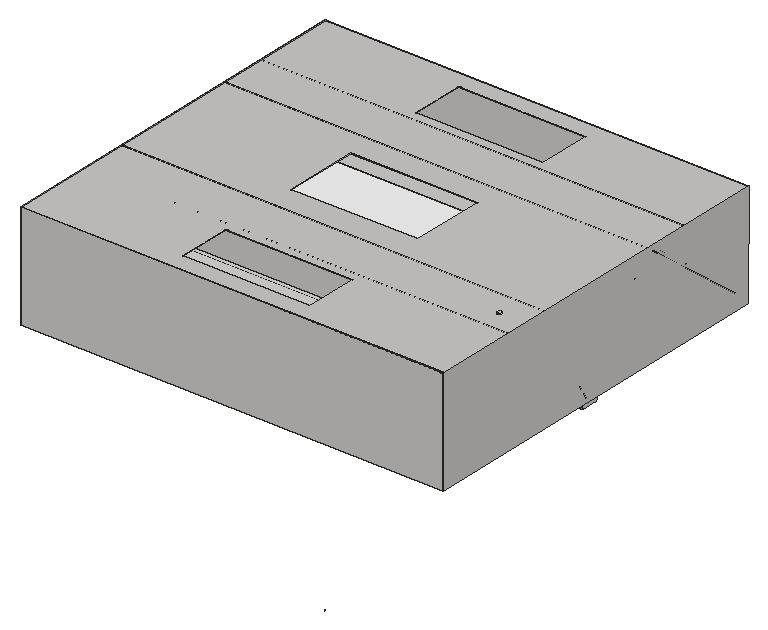
Revit family "QF_ELECTROLUXPROFESSIONAL_640234_STCF1820", category Specialty Equipment, Revit 2014
Reference planes
  plane 1: z = 0
  plane 2 "Center (Left/Right)": x = 150
  plane 3 "LEFT": x = -850
  plane 4 "RIGHT": x = 1150
  plane 5 "BACK": y = 550
  plane 6 "TOP": z = 2500
  plane 7 "Base": z = 2000
  plane 8: z = 1955
  plane 9: x = -847
  plane 10 "DrainX": x = 1030
  plane 11 "AOLeft2": x = 450
  plane 12: x = 1147
  plane 13: x = -650
  plane 14: x = 950
  plane 15 "Center (Front/Back)": y = -350
  plane 16 "Front": y = -1250
  plane 17 "AOLeft1": x = -150
  plane 18 "EI_y": y = -770
  plane 19 "EIx": x = 1030
  plane 20: y = 464
  plane 21: y = 214
  plane 22: y = -1164
  plane 23: y = -914
  plane 24: y = -175
  plane 25: y = -525
Forms (mm)
  Extrusion 1, solid, material "QF_Finishes_Stainless Steel"
    sketch origin (-850, 0, 360) x (0, 1, 0) y (0, 0, 1)
      loop
        line (550, 1640) -> (550, 2140) -> (-1250, 2140) -> (-1250, 1640) -> (550, 1640)
    from 0 to 3
  Extrusion 2, solid, material "QF_Finishes_Stainless Steel"
    sketch origin (1150, 0, 360) x (0, 1, 0) y (0, 0, 1)
      loop
        line (550, 1640) -> (550, 2140) -> (-1250, 2140) -> (-1250, 1640) -> (550, 1640)
    from 0 to -3
  Extrusion 3, solid, material "QF_Finishes_Stainless Steel"
    sketch origin (150, 0, 360) x (0, 1, 0) y (0, 0, 1)
      loop
        line (-1250, 2140) -> (-1250, 1640) -> (-1240, 1640) -> (-1240, 1640.8) -> (-1249.2, 1640.8) -> (-1249.2, 2139.19) -> (549.2, 2139.19) -> (549.2, 1640.8) -> (540, 1640.8) -> (540, 1640) -> (550, 1640) -> (550, 2140) -> (-1250, 2140)
    from -1000 to 1000
  Extrusion 4, solid, material "QF_Finishes_Stainless Steel"
    sketch origin (0, -840, 2000) x (0, 1, 0) y (-1, 0, 0)
      loop
        circle (490, -1030) r 4.763
    from -30 to 0
  Extrusion 5, void
    sketch origin (0, 0, 2500) x (0, 1, 0) y (-1, 0, 0)
      loop
        line (-1164, -450) -> (-914, -450) -> (-914, 150) -> (-1164, 150) -> (-1164, -450)
    from 0 to -10
  Extrusion 6, solid, material "QF_Finishes_Stainless Steel"
    sketch origin (0, 0, 0) x (1, 0, 0) y (0, 1, 0)
      loop
        line (-850, 550) -> (-850, 549) -> (-849, 549) -> (-849, 550) -> (-850, 550)
    from 0 to 1
  Sweep 7, solid, material "QF_Finishes_Stainless Steel"
    path origin (0, 0, 0) x (1, 0, 0) y (0, 1, 0)
      loop
        line (1150, 550) -> (-850, 550) -> (-850, -1250) -> (1150, -1250) -> (1150, 550)
    profile origin (1150, -350, 0) x (1, 0, 0) y (0, 0, 1)
      loop
        line (-3, 2000) -> (-3, 2000.8) -> (-19, 2000.8) -> (-19, 2010) -> (-20, 2010) -> (-20, 2000) -> (-3, 2000)
  Extrusion 8, solid, material "QF_Finishes_Stainless Steel"
    sketch origin (150, -826.94, 0) x (0, 1, 0) y (0, 0, 1)
      loop
        line (414.66, 2095.469) -> (440.643, 2110.471) -> (261.744, 2411.771) -> (235.948, 2396.455) -> (414.66, 2095.469)
    from -997 to -800
  Extrusion 9, solid, material "QF_Finishes_Stainless Steel"
    sketch origin (1030, -840, 0) x (0, 1, 0) y (0, 0, 1)
      loop
        line (539, 2000) -> (441, 2000) -> (441, 1989) -> (448.5, 1989) -> (448.5, 1965)
        arc (448.5, 1965) -> (451.429, 1957.929) -> (458.5, 1955) r 10
        line (458.5, 1955) -> (521.5, 1955)
        arc (521.5, 1955) -> (528.571, 1957.929) -> (531.5, 1965) r 10
        line (531.5, 1965) -> (531.5, 1989) -> (539, 1989) -> (539, 2000)
    from 90 to -90
  Extrusion 10, solid, material "QF_Finishes_Stainless Steel"
    sketch origin (150, -826.94, 0) x (0, 1, 0) y (0, 0, 1)
      loop
        line (414.66, 2095.469) -> (440.643, 2110.471) -> (261.744, 2411.771) -> (235.948, 2396.455) -> (414.66, 2095.469)
    from 800 to 997
  Extrusion 11, solid, material "QF_Finished_Chrome"
    sketch origin (150, -826.94, 0) x (0, 1, 0) y (0, 0, 1)
      loop
        line (414.66, 2095.469) -> (440.643, 2110.471) -> (261.744, 2411.771) -> (235.948, 2396.455) -> (414.66, 2095.469)
    from -800 to 800
  Extrusion 12, void
    sketch origin (0, 1180, 2500) x (0, 1, 0) y (-1, 0, 0)
      loop
        line (-1355, -450) -> (-1355, 150) -> (-1705, 150) -> (-1705, -450) -> (-1355, -450)
    from 0 to -10
  Extrusion 13, solid, material "QF_Finishes_Stainless Steel"
    sketch origin (0, 0, 2500) x (0, 1, 0) y (-1, 0, 0)
      loop
        circle (-770, -1030) r 10
    from 0 to 1.6
  Extrusion 14, solid, material "QF_Finishes_Stainless Steel"
    sketch origin (150, -826.94, 360) x (0, 1, 0) y (0, 0, 1)
      loop
        line (430.005, 1640) -> (476.94, 1640) -> (476.94, 1640.8) -> (430.467, 1640.8) -> (371.906, 1742.23) -> (414.858, 1734.657) -> (442.266, 1750.481) -> (442.266, 1765.943) -> (441.466, 1765.943) -> (441.466, 1750.943) -> (414.709, 1735.495) -> (321.153, 1751.991) -> (320.875, 1750.416) -> (371.4, 1741.507) -> (430.005, 1640)
      loop
        line (172.529, 2139.19) -> (242.893, 2017.316) -> (245.133, 2018.715) -> (240.13, 2027.381) -> (238.569, 2026.405) -> (173.453, 2139.19) -> (172.529, 2139.19)
    from -997 to 997
  Extrusion 15, solid, material "QF_LAMPS"
    sketch origin (150, 0, 360) x (0, 1, 0) y (0, 0, 1)
      loop
        line (-872.823, 1962.324) -> (-718.948, 2086.929) -> (-727.129, 2097.032) -> (-881.003, 1972.426) -> (-872.823, 1962.324)
    from 997 to -997
  Extrusion 16, solid, material "QF_Finishes_Stainless Steel"
    sketch origin (150, 0, 360) x (0, 1, 0) y (0, 0, 1)
      loop
        line (-1250, 2139.19) -> (-1250, 1640) -> (-1186.602, 1640) -> (-1099.146, 1690.493) -> (-1110.058, 1709.394) -> (-1166.564, 1676.77) -> (-1214.704, 1680.982) -> (-1249.2, 1730.248) -> (-1249.2, 2139.19) -> (-1250, 2139.19)
      loop
        line (-873.6, 1961.694) -> (-881.937, 1971.99) -> (-869.095, 1982.182) -> (-869.095, 2139.19) -> (-869.895, 2139.19) -> (-869.895, 1982.569) -> (-1182.298, 1734.63) -> (-1171.091, 1720.79) -> (-873.6, 1961.694)
      loop
        line (-727.61, 2099.216) -> (-718.171, 2087.559) -> (-654.411, 2139.19) -> (-655.682, 2139.19) -> (-718.052, 2088.684) -> (-726.989, 2099.719) -> (-727.61, 2099.216)
    from -997 to 997
  Extrusion 17, solid, material "QF_Finishes_Stainless Steel"
    sketch origin (150, 126.94, 360) x (0, -1, 0) y (0, 0, -1)
      loop
        line (430.005, -1640) -> (371.4, -1741.507) -> (320.875, -1750.416) -> (321.153, -1751.991) -> (414.709, -1735.495) -> (441.466, -1750.943) -> (441.466, -1765.943) -> (442.266, -1765.943) -> (442.266, -1750.481) -> (414.858, -1734.657) -> (371.906, -1742.23) -> (430.467, -1640.8) -> (476.94, -1640.8) -> (476.94, -1640) -> (430.005, -1640)
      loop
        line (172.529, -2139.19) -> (173.453, -2139.19) -> (238.569, -2026.405) -> (240.13, -2027.381) -> (245.133, -2018.715) -> (242.893, -2017.316) -> (172.529, -2139.19)
    from -997 to 997
  Extrusion 18, solid, material "QF_LAMPS"
    sketch origin (150, -700, 360) x (0, -1, 0) y (0, 0, -1)
      loop
        line (-872.823, -1962.324) -> (-881.003, -1972.426) -> (-727.129, -2097.032) -> (-718.948, -2086.929) -> (-872.823, -1962.324)
    from 997 to -997
  Extrusion 19, solid, material "QF_Finishes_Stainless Steel"
    sketch origin (150, -700, 360) x (0, -1, 0) y (0, 0, -1)
      loop
        line (-1250, -2139.19) -> (-1249.2, -2139.19) -> (-1249.2, -1730.248) -> (-1214.704, -1680.982) -> (-1166.564, -1676.77) -> (-1110.058, -1709.394) -> (-1099.146, -1690.493) -> (-1186.602, -1640) -> (-1250, -1640) -> (-1250, -2139.19)
      loop
        line (-873.6, -1961.694) -> (-1171.091, -1720.79) -> (-1182.298, -1734.63) -> (-869.895, -1982.569) -> (-869.895, -2139.19) -> (-869.095, -2139.19) -> (-869.095, -1982.182) -> (-881.937, -1971.99) -> (-873.6, -1961.694)
      loop
        line (-727.61, -2099.216) -> (-726.989, -2099.719) -> (-718.052, -2088.684) -> (-655.682, -2139.19) -> (-654.411, -2139.19) -> (-718.171, -2087.559) -> (-727.61, -2099.216)
    from -997 to 997
  Extrusion 20, solid, material "QF_Finishes_Stainless Steel"
    sketch origin (150, 126.94, 0) x (0, -1, 0) y (0, 0, -1)
      loop
        line (414.66, -2095.469) -> (235.948, -2396.455) -> (261.744, -2411.771) -> (440.643, -2110.471) -> (414.66, -2095.469)
    from -997 to -800
  Extrusion 21, solid, material "QF_Finishes_Stainless Steel"
    sketch origin (150, 126.94, 0) x (0, -1, 0) y (0, 0, -1)
      loop
        line (414.66, -2095.469) -> (235.948, -2396.455) -> (261.744, -2411.771) -> (440.643, -2110.471) -> (414.66, -2095.469)
    from 800 to 997
  Extrusion 22, solid, material "QF_Finished_Chrome"
    sketch origin (150, 126.94, 0) x (0, -1, 0) y (0, 0, -1)
      loop
        line (414.66, -2095.469) -> (235.948, -2396.455) -> (261.744, -2411.771) -> (440.643, -2110.471) -> (414.66, -2095.469)
    from -800 to 800
  Extrusion 23, void
    sketch origin (0, 814, 2500) x (0, 1, 0) y (-1, 0, 0)
      loop
        line (-600, -450) -> (-350, -450) -> (-350, 150) -> (-600, 150) -> (-600, -450)
    from 0 to -10
Cuts and joins
  Extrusion 5, Extrusion 12, Extrusion 23 cuts Extrusion 3
  joined: Extrusion 2, Extrusion 3, Sweep 7
Lines and regions (mm)
  symbolic lines, style "SpecialityEquipment", detail levels coarse
    curve 1: line (1150, 550, 2500) -> (-850, 550, 2500)
    curve 2: line (-850, 550, 2500) -> (-850, -1250, 2500)
    curve 3: line (1150, -1250, 2500) -> (1150, 550, 2500)
    curve 4: line (-850, 550, 0) -> (1150, -1250, 0)
    curve 5: line (1150, 550, 0) -> (-850, -1250, 0)
    curve 6: line (-850, -1250, 0) -> (1150, -1250, 0)
  symbolic lines, detail levels coarse
    curve 7: line (-150, 464, 2500) -> (450, 464, 2500)
    curve 8: line (-150, 214, 2500) -> (-150, 464, 2500)
    curve 9: line (450, 214, 2500) -> (-150, 214, 2500)
    curve 10: line (450, 464, 2500) -> (450, 214, 2500)
    curve 11: line (-150, -175, 2500) -> (450, -175, 2500)
    curve 12: line (-150, -525, 2500) -> (-150, -175, 2500)
    curve 13: line (450, -525, 2500) -> (-150, -525, 2500)
    curve 14: line (450, -175, 2500) -> (450, -525, 2500)
    curve 15: line (-150, -914, 2500) -> (450, -914, 2500)
    curve 16: line (-150, -1164, 2500) -> (-150, -914, 2500)
    curve 17: line (450, -1164, 2500) -> (-150, -1164, 2500)
    curve 18: line (450, -914, 2500) -> (450, -1164, 2500)
Dimensions and locks
  plane 3 "LEFT" to plane 4 "RIGHT" = 2000 mm
  equal spacing: plane 3 "LEFT", plane 2 "Center (Left/Right)", plane 4 "RIGHT"
  plane 7 "Base" to plane 8 = 45 mm
  plane 3 "LEFT" to plane 9 = 3 mm
  plane 10 "DrainX" to plane 4 "RIGHT" = 120 mm
  plane 12 to plane 4 "RIGHT" = 3 mm
  plane 3 "LEFT" to plane 13 = 200 mm
  plane 14 to plane 4 "RIGHT" = 200 mm
  locked: plane 7 "Base" to level at 2000
  locked: plane 6 "TOP" to plane 7 "Base" at 500
  equal spacing: plane 5 "BACK", plane 15 "Center (Front/Back)", plane 16 "Front"
  locked: plane 18 "EI_y" to plane 16 "Front" at 480
  locked: plane 19 "EIx" to plane 4 "RIGHT" at 120
  locked: plane 5 "BACK" to plane 20 at 86
  plane 20 to plane 21 = 250 mm
  locked: plane 22 to plane 16 "Front" at 86
  locked: plane 22 to plane 23 at 250
  plane 24 to plane 15 "Center (Front/Back)" = 175 mm
  plane 15 "Center (Front/Back)" to plane 25 = 175 mm
  locked: plane 5 "BACK" to plane 16 "Front" at 1800
  plane 5 "BACK" to plane 16 "Front" = 1800 mm
  plane 24 to plane 25 = 350 mm
  equal spacing: plane 17 "AOLeft1", plane 2 "Center (Left/Right)", plane 11 "AOLeft2"
  locked: plane 17 "AOLeft1" to plane 11 "AOLeft2" at 600
  aligned and locked: level to plane 1
  aligned and locked: plane 4 "RIGHT" to Extrusion 3
  aligned and locked: Extrusion 3 to plane 3 "LEFT"
  aligned and locked: Extrusion 2 to plane 12
  aligned and locked: Extrusion 8 to plane 9
  aligned and locked: plane 17 "AOLeft1" to Extrusion 5
  aligned and locked: Extrusion 5 to plane 11 "AOLeft2"
  aligned and locked: Extrusion 8 to plane 13
  aligned and locked: plane 14 to Extrusion 10
  aligned and locked: plane 12 to Extrusion 10
  aligned and locked: plane 13 to Extrusion 11
  aligned and locked: Extrusion 11 to plane 14
  aligned and locked: Extrusion 12 to plane 17 "AOLeft1"
  aligned and locked: Extrusion 12 to plane 11 "AOLeft2"
  aligned and locked: Extrusion 14 to plane 9
  aligned and locked: plane 12 to Extrusion 14
  aligned and locked: Extrusion 22 to plane 13
  aligned and locked: Extrusion 22 to plane 14
  aligned and locked: plane 22 to Extrusion 5
  aligned and locked: Extrusion 5 to plane 23
  aligned and locked: Extrusion 23 to plane 17 "AOLeft1"
  aligned and locked: Extrusion 23 to plane 11 "AOLeft2"
  aligned and locked: plane 24 to Extrusion 12
  aligned and locked: Extrusion 12 to plane 25
  aligned and locked: plane 20 to Extrusion 23
  aligned and locked: Extrusion 23 to plane 21
  aligned and locked: Extrusion 19 to plane 9
  aligned and locked: Extrusion 18 to plane 9
  aligned and locked: Extrusion 17 to plane 9
  aligned and locked: plane 9 to Extrusion 20
  aligned and locked: Extrusion 16 to plane 9
  aligned and locked: Extrusion 15 to plane 9
  aligned and locked: plane 12 to Extrusion 19
  aligned and locked: plane 12 to Extrusion 18
  aligned and locked: plane 12 to Extrusion 17
  aligned and locked: Extrusion 21 to plane 12
  aligned and locked: plane 12 to Extrusion 15
  aligned and locked: Extrusion 16 to plane 12
  aligned and locked: Extrusion 20 to plane 13
  aligned and locked: plane 14 to Extrusion 21
Automatic sketch dimensions
  curve 6 to plane 3 "LEFT" = 0 mm
  curve 4 to plane 3 "LEFT" = 0 mm
  curve 5 to plane 4 "RIGHT" = 0 mm
  curve 6 to plane 4 "RIGHT" = 0 mm
  curve 4 to plane 16 "Front" = 0 mm
  curve 5 to plane 5 "BACK" = 0 mm
  curve 4 to plane 5 "BACK" = 0 mm
  Extrusion 1 sketch curve to plane 7 "Base" = 0 mm
  Extrusion 1 sketch curve to plane 16 "Front" = 0 mm
  Extrusion 1 sketch curve to plane 5 "BACK" = 0 mm
  Extrusion 1 sketch curve to plane 6 "TOP" = 0 mm
  Extrusion 2 sketch curve to plane 7 "Base" = 0 mm
  Extrusion 2 sketch curve to plane 16 "Front" = 0 mm
  Extrusion 2 sketch curve to plane 5 "BACK" = 0 mm
  Extrusion 2 sketch curve to plane 6 "TOP" = 0 mm
  Extrusion 3 sketch curve to plane 6 "TOP" = 0 mm
  Extrusion 3 sketch curve to plane 16 "Front" = 0 mm
  Extrusion 3 sketch curve to plane 7 "Base" = 0 mm  (x2)
  Extrusion 3 sketch curve to plane 5 "BACK" = 0 mm
  plane 16 "Front" to Extrusion 3 sketch curve = 0.8 mm
  Extrusion 3 sketch curve to Extrusion 3 sketch curve = 9.2 mm
  plane 7 "Base" to Extrusion 3 sketch curve = 0.8 mm  (x2)
  Extrusion 3 sketch curve to plane 5 "BACK" = 10 mm
  Extrusion 3 sketch curve to plane 5 "BACK" = 0.8 mm
  Extrusion 3 sketch curve to plane 6 "TOP" = 0.81 mm
  Extrusion 4 sketch curve to plane 10 "DrainX" = 0 mm
  Extrusion 4 sketch curve to plane 15 "Center (Front/Back)" = 0 mm
  Extrusion 5 sketch curve to plane 17 "AOLeft1" = 0 mm
  plane 22 to Extrusion 5 sketch curve = 0 mm
  Extrusion 5 sketch curve to plane 11 "AOLeft2" = 0 mm
  plane 23 to Extrusion 5 sketch curve = 0 mm
  Extrusion 6 sketch curve to plane 3 "LEFT" = 0 mm
  Extrusion 6 sketch curve to plane 5 "BACK" = 0 mm
  plane 3 "LEFT" to Extrusion 6 sketch curve = 1 mm
  Extrusion 6 sketch curve to Extrusion 6 sketch curve = 1 mm
  Sweep 7 sketch curve to plane 3 "LEFT" = 0 mm
  Sweep 7 sketch curve to plane 4 "RIGHT" = 0 mm
  Sweep 7 sketch curve to plane 16 "Front" = 0 mm
  Sweep 7 sketch curve to plane 5 "BACK" = 0 mm
  profile plane to Sweep 7 sketch curve = 20 mm
  Sweep 7 sketch curve to Sweep 7 sketch curve = 1 mm
  profile plane to Sweep 7 sketch curve = 3 mm
  level to Sweep 7 sketch curve = 2000 mm
  Sweep 7 sketch curve to Sweep 7 sketch curve = 0.8 mm
  Sweep 7 sketch curve to Sweep 7 sketch curve = 9.2 mm
  Extrusion 8 sketch curve to plane 25 = 65.992 mm
  Extrusion 8 sketch curve to Extrusion 8 sketch curve = 25.795 mm
  Extrusion 8 sketch curve to plane 15 "Center (Front/Back)" = 62.28 mm
  Extrusion 8 sketch curve to Extrusion 8 sketch curve = 25.983 mm
  plane 7 "Base" to Extrusion 8 sketch curve = 95.469 mm
  Extrusion 8 sketch curve to Extrusion 8 sketch curve = 15.001 mm
  Extrusion 8 sketch curve to plane 6 "TOP" = 103.545 mm
  Extrusion 8 sketch curve to Extrusion 8 sketch curve = 15.316 mm
  Extrusion 9 sketch curve to plane 8 = 0 mm
  Extrusion 9 sketch curve to plane 7 "Base" = 11 mm  (x2)
  Extrusion 9 sketch curve to plane 15 "Center (Front/Back)" = 49 mm
  Extrusion 9 sketch curve to Extrusion 9 sketch curve = 7.5 mm  (x2)
  Extrusion 9 sketch curve to Extrusion 9 sketch curve = 10 mm  (x2)
  plane 15 "Center (Front/Back)" to Extrusion 9 sketch curve = 31.5 mm
  plane 7 "Base" to Extrusion 9 sketch curve = 0 mm
  Extrusion 10 sketch curve to plane 25 = 65.992 mm
  Extrusion 10 sketch curve to Extrusion 10 sketch curve = 25.795 mm
  Extrusion 10 sketch curve to plane 15 "Center (Front/Back)" = 62.28 mm
  Extrusion 10 sketch curve to Extrusion 10 sketch curve = 25.983 mm
  plane 7 "Base" to Extrusion 10 sketch curve = 95.469 mm
  Extrusion 10 sketch curve to Extrusion 10 sketch curve = 15.001 mm
  Extrusion 10 sketch curve to plane 6 "TOP" = 103.545 mm
  Extrusion 10 sketch curve to Extrusion 10 sketch curve = 15.316 mm
  Extrusion 11 sketch curve to plane 25 = 65.992 mm
  Extrusion 11 sketch curve to Extrusion 11 sketch curve = 25.795 mm
  Extrusion 11 sketch curve to plane 15 "Center (Front/Back)" = 62.28 mm
  Extrusion 11 sketch curve to Extrusion 11 sketch curve = 25.983 mm
  plane 7 "Base" to Extrusion 11 sketch curve = 95.469 mm
  Extrusion 11 sketch curve to Extrusion 11 sketch curve = 15.001 mm
  Extrusion 11 sketch curve to plane 6 "TOP" = 103.545 mm
  Extrusion 11 sketch curve to Extrusion 11 sketch curve = 15.316 mm
  Extrusion 12 sketch curve to plane 11 "AOLeft2" = 0 mm
  Extrusion 12 sketch curve to plane 21 = 739 mm
  Extrusion 12 sketch curve to plane 20 = 639 mm
  Extrusion 12 sketch curve to plane 17 "AOLeft1" = 0 mm
  Extrusion 13 sketch curve to plane 18 "EI_y" = 0 mm
  Extrusion 13 sketch curve to plane 19 "EIx" = 0 mm
  Extrusion 14 sketch curve to plane 7 "Base" = 0 mm
  Extrusion 14 sketch curve to plane 6 "TOP" = 0.81 mm
  plane 18 "EI_y" to Extrusion 14 sketch curve = 115.589 mm
  Extrusion 14 sketch curve to Extrusion 14 sketch curve = 0.924 mm
  Extrusion 14 sketch curve to plane 25 = 63.371 mm
  Extrusion 14 sketch curve to Extrusion 14 sketch curve = 1.561 mm
  Extrusion 14 sketch curve to Extrusion 14 sketch curve = 4.324 mm
  Extrusion 14 sketch curve to Extrusion 14 sketch curve = 2.24 mm
  plane 25 to Extrusion 14 sketch curve = 18.935 mm
  Extrusion 14 sketch curve to Extrusion 14 sketch curve = 0.278 mm
  Extrusion 14 sketch curve to Extrusion 14 sketch curve = 50.525 mm
  Extrusion 14 sketch curve to Extrusion 14 sketch curve = 0.506 mm
  Extrusion 14 sketch curve to Extrusion 14 sketch curve = 42.803 mm
  Extrusion 14 sketch curve to Extrusion 14 sketch curve = 0.148 mm
  Extrusion 14 sketch curve to plane 15 "Center (Front/Back)" = 46.935 mm
  plane 7 "Base" to Extrusion 14 sketch curve = 0.8 mm
  Extrusion 14 sketch curve to Extrusion 14 sketch curve = 0.462 mm  (x2)
  Extrusion 14 sketch curve to Extrusion 14 sketch curve = 46.473 mm
  Extrusion 14 sketch curve to plane 15 "Center (Front/Back)" = 35.474 mm
  Extrusion 14 sketch curve to Extrusion 14 sketch curve = 0.8 mm
  plane 7 "Base" to Extrusion 14 sketch curve = 94.657 mm
  Extrusion 14 sketch curve to Extrusion 14 sketch curve = 0.838 mm
  Extrusion 14 sketch curve to Extrusion 14 sketch curve = 6.012 mm
  Extrusion 14 sketch curve to Extrusion 14 sketch curve = 0.723 mm
  Extrusion 14 sketch curve to Extrusion 14 sketch curve = 14.986 mm
  Extrusion 14 sketch curve to Extrusion 14 sketch curve = 15 mm
  Extrusion 14 sketch curve to plane 6 "TOP" = 122.684 mm
  Extrusion 14 sketch curve to Extrusion 14 sketch curve = 1.399 mm
  Extrusion 14 sketch curve to Extrusion 14 sketch curve = 9.089 mm
  Extrusion 14 sketch curve to Extrusion 14 sketch curve = 0.975 mm
  Extrusion 15 sketch curve to plane 23 = 32.997 mm
  Extrusion 15 sketch curve to Extrusion 15 sketch curve = 8.181 mm  (x2)
  plane 18 "EI_y" to Extrusion 15 sketch curve = 42.871 mm
  Extrusion 15 sketch curve to plane 6 "TOP" = 177.676 mm
  Extrusion 15 sketch curve to Extrusion 15 sketch curve = 10.102 mm
  Extrusion 15 sketch curve to plane 6 "TOP" = 53.071 mm
  Extrusion 15 sketch curve to Extrusion 15 sketch curve = 10.103 mm
  Extrusion 16 sketch curve to plane 7 "Base" = 0 mm
  Extrusion 16 sketch curve to plane 16 "Front" = 0 mm
  Extrusion 16 sketch curve to Extrusion 16 sketch curve = 0.8 mm  (x2)
  plane 16 "Front" to Extrusion 16 sketch curve = 35.296 mm
  plane 22 to Extrusion 16 sketch curve = 22.602 mm
  plane 22 to Extrusion 16 sketch curve = 18.298 mm
  plane 22 to Extrusion 16 sketch curve = 7.091 mm
  plane 22 to Extrusion 16 sketch curve = 2.564 mm
  Extrusion 16 sketch curve to plane 22 = 53.942 mm
  Extrusion 16 sketch curve to Extrusion 16 sketch curve = 10.912 mm
  Extrusion 16 sketch curve to plane 23 = 32.063 mm
  Extrusion 16 sketch curve to Extrusion 16 sketch curve = 8.337 mm
  Extrusion 16 sketch curve to Extrusion 16 sketch curve = 12.042 mm
  plane 18 "EI_y" to Extrusion 16 sketch curve = 42.39 mm
  Extrusion 16 sketch curve to Extrusion 16 sketch curve = 0.622 mm
  Extrusion 16 sketch curve to Extrusion 16 sketch curve = 9.44 mm
  Extrusion 16 sketch curve to Extrusion 16 sketch curve = 0.118 mm
  Extrusion 16 sketch curve to plane 6 "TOP" = 0.81 mm  (x3)
  Extrusion 16 sketch curve to Extrusion 16 sketch curve = 62.37 mm
  Extrusion 16 sketch curve to Extrusion 16 sketch curve = 1.271 mm
  plane 7 "Base" to Extrusion 16 sketch curve = 36.77 mm
  plane 7 "Base" to Extrusion 16 sketch curve = 40.982 mm
  plane 7 "Base" to Extrusion 16 sketch curve = 50.493 mm
  Extrusion 16 sketch curve to Extrusion 16 sketch curve = 18.901 mm
  Extrusion 16 sketch curve to Extrusion 16 sketch curve = 44.02 mm
  Extrusion 16 sketch curve to Extrusion 16 sketch curve = 49.266 mm
  Extrusion 16 sketch curve to Extrusion 16 sketch curve = 13.84 mm
  Extrusion 16 sketch curve to plane 6 "TOP" = 178.306 mm
  Extrusion 16 sketch curve to Extrusion 16 sketch curve = 10.296 mm
  Extrusion 16 sketch curve to Extrusion 16 sketch curve = 10.192 mm
  Extrusion 16 sketch curve to Extrusion 16 sketch curve = 0.386 mm
  Extrusion 16 sketch curve to plane 6 "TOP" = 52.441 mm
  Extrusion 16 sketch curve to Extrusion 16 sketch curve = 1.125 mm
  Extrusion 17 sketch curve to plane 7 "Base" = 0 mm
  plane 6 "TOP" to Extrusion 17 sketch curve = 0.81 mm
  Extrusion 17 sketch curve to plane 24 = 129.411 mm
  Extrusion 17 sketch curve to Extrusion 17 sketch curve = 0.924 mm
  Extrusion 17 sketch curve to plane 24 = 63.371 mm
  Extrusion 17 sketch curve to Extrusion 17 sketch curve = 1.561 mm
  Extrusion 17 sketch curve to Extrusion 17 sketch curve = 4.324 mm
  Extrusion 17 sketch curve to Extrusion 17 sketch curve = 2.24 mm
  plane 24 to Extrusion 17 sketch curve = 18.935 mm
  Extrusion 17 sketch curve to Extrusion 17 sketch curve = 0.278 mm
  Extrusion 17 sketch curve to Extrusion 17 sketch curve = 50.525 mm
  Extrusion 17 sketch curve to Extrusion 17 sketch curve = 0.506 mm
  Extrusion 17 sketch curve to Extrusion 17 sketch curve = 42.803 mm
  Extrusion 17 sketch curve to Extrusion 17 sketch curve = 0.148 mm
  Extrusion 17 sketch curve to plane 15 "Center (Front/Back)" = 46.935 mm
  Extrusion 17 sketch curve to plane 7 "Base" = 0.8 mm
  Extrusion 17 sketch curve to Extrusion 17 sketch curve = 0.462 mm  (x2)
  Extrusion 17 sketch curve to Extrusion 17 sketch curve = 46.473 mm
  Extrusion 17 sketch curve to plane 15 "Center (Front/Back)" = 35.474 mm
  Extrusion 17 sketch curve to Extrusion 17 sketch curve = 0.8 mm
  Extrusion 17 sketch curve to plane 7 "Base" = 94.657 mm
  Extrusion 17 sketch curve to Extrusion 17 sketch curve = 0.838 mm
  Extrusion 17 sketch curve to Extrusion 17 sketch curve = 6.012 mm
  Extrusion 17 sketch curve to Extrusion 17 sketch curve = 0.723 mm
  Extrusion 17 sketch curve to Extrusion 17 sketch curve = 14.986 mm
  Extrusion 17 sketch curve to Extrusion 17 sketch curve = 15 mm
  plane 6 "TOP" to Extrusion 17 sketch curve = 122.684 mm
  Extrusion 17 sketch curve to Extrusion 17 sketch curve = 1.399 mm
  Extrusion 17 sketch curve to Extrusion 17 sketch curve = 9.089 mm
  Extrusion 17 sketch curve to Extrusion 17 sketch curve = 0.975 mm
  plane 21 to Extrusion 18 sketch curve = 32.997 mm
  Extrusion 18 sketch curve to Extrusion 18 sketch curve = 8.181 mm  (x2)
  plane 6 "TOP" to Extrusion 18 sketch curve = 42.968 mm
  plane 21 to Extrusion 18 sketch curve = 186.871 mm
  plane 6 "TOP" to Extrusion 18 sketch curve = 53.071 mm
  plane 6 "TOP" to Extrusion 18 sketch curve = 167.574 mm
  Extrusion 18 sketch curve to Extrusion 18 sketch curve = 10.102 mm
  Extrusion 19 sketch curve to plane 5 "BACK" = 0 mm
  Extrusion 19 sketch curve to plane 7 "Base" = 0 mm
  Extrusion 19 sketch curve to Extrusion 19 sketch curve = 0.8 mm  (x2)
  plane 5 "BACK" to Extrusion 19 sketch curve = 35.296 mm
  Extrusion 19 sketch curve to plane 20 = 22.602 mm
  Extrusion 19 sketch curve to plane 20 = 18.298 mm
  Extrusion 19 sketch curve to plane 20 = 7.091 mm
  Extrusion 19 sketch curve to plane 20 = 2.564 mm
  plane 20 to Extrusion 19 sketch curve = 53.942 mm
  Extrusion 19 sketch curve to Extrusion 19 sketch curve = 10.912 mm
  plane 21 to Extrusion 19 sketch curve = 32.063 mm
  Extrusion 19 sketch curve to Extrusion 19 sketch curve = 8.337 mm
  Extrusion 19 sketch curve to Extrusion 19 sketch curve = 12.042 mm
  plane 6 "TOP" to Extrusion 19 sketch curve = 40.784 mm
  Extrusion 19 sketch curve to Extrusion 19 sketch curve = 141.485 mm
  plane 6 "TOP" to Extrusion 19 sketch curve = 40.281 mm
  Extrusion 19 sketch curve to Extrusion 19 sketch curve = 0.622 mm
  plane 6 "TOP" to Extrusion 19 sketch curve = 52.441 mm
  plane 6 "TOP" to Extrusion 19 sketch curve = 51.316 mm
  plane 6 "TOP" to Extrusion 19 sketch curve = 0.81 mm  (x3)
  Extrusion 19 sketch curve to Extrusion 19 sketch curve = 62.37 mm
  Extrusion 19 sketch curve to Extrusion 19 sketch curve = 1.271 mm
  Extrusion 19 sketch curve to plane 7 "Base" = 36.77 mm
  Extrusion 19 sketch curve to plane 7 "Base" = 40.982 mm
  Extrusion 19 sketch curve to plane 7 "Base" = 50.493 mm
  Extrusion 19 sketch curve to Extrusion 19 sketch curve = 18.901 mm
  Extrusion 19 sketch curve to Extrusion 19 sketch curve = 44.02 mm
  Extrusion 19 sketch curve to Extrusion 19 sketch curve = 49.266 mm
  Extrusion 19 sketch curve to Extrusion 19 sketch curve = 13.84 mm
  plane 6 "TOP" to Extrusion 19 sketch curve = 178.306 mm
  Extrusion 19 sketch curve to Extrusion 19 sketch curve = 10.296 mm
  Extrusion 19 sketch curve to Extrusion 19 sketch curve = 10.192 mm
  Extrusion 19 sketch curve to Extrusion 19 sketch curve = 0.386 mm
  Extrusion 20 sketch curve to plane 24 = 65.992 mm
  Extrusion 20 sketch curve to Extrusion 20 sketch curve = 25.795 mm
  Extrusion 20 sketch curve to plane 15 "Center (Front/Back)" = 62.28 mm
  Extrusion 20 sketch curve to Extrusion 20 sketch curve = 25.983 mm
  Extrusion 20 sketch curve to plane 7 "Base" = 95.469 mm
  Extrusion 20 sketch curve to Extrusion 20 sketch curve = 15.001 mm
  plane 6 "TOP" to Extrusion 20 sketch curve = 103.545 mm
  Extrusion 20 sketch curve to Extrusion 20 sketch curve = 15.316 mm
  Extrusion 21 sketch curve to plane 24 = 65.992 mm
  Extrusion 21 sketch curve to Extrusion 21 sketch curve = 25.795 mm
  Extrusion 21 sketch curve to plane 15 "Center (Front/Back)" = 62.28 mm
  Extrusion 21 sketch curve to Extrusion 21 sketch curve = 25.983 mm
  Extrusion 21 sketch curve to plane 7 "Base" = 95.469 mm
  Extrusion 21 sketch curve to Extrusion 21 sketch curve = 15.001 mm
  plane 6 "TOP" to Extrusion 21 sketch curve = 103.545 mm
  Extrusion 21 sketch curve to Extrusion 21 sketch curve = 15.316 mm
  Extrusion 22 sketch curve to plane 24 = 65.992 mm
  Extrusion 22 sketch curve to Extrusion 22 sketch curve = 25.795 mm
  Extrusion 22 sketch curve to plane 15 "Center (Front/Back)" = 62.28 mm
  Extrusion 22 sketch curve to Extrusion 22 sketch curve = 25.983 mm
  Extrusion 22 sketch curve to plane 7 "Base" = 95.469 mm
  Extrusion 22 sketch curve to Extrusion 22 sketch curve = 15.001 mm
  plane 6 "TOP" to Extrusion 22 sketch curve = 103.545 mm
  Extrusion 22 sketch curve to Extrusion 22 sketch curve = 15.316 mm
  plane 15 "Center (Front/Back)" to Extrusion 23 sketch curve = 564 mm
  plane 11 "AOLeft2" to Extrusion 23 sketch curve = 0 mm
  plane 17 "AOLeft1" to Extrusion 23 sketch curve = 0 mm
  plane 24 to Extrusion 23 sketch curve = 639 mm
  curve 2 to plane 3 "LEFT" = 0 mm
  curve 2 to plane 16 "Front" = 0 mm
  curve 3 to plane 4 "RIGHT" = 0 mm
  curve 3 to plane 16 "Front" = 0 mm
  curve 17 to plane 17 "AOLeft1" = 0 mm
  plane 22 to curve 17 = 0 mm
  plane 23 to curve 16 = 0 mm
  curve 12 to plane 17 "AOLeft1" = 0 mm
  curve 12 to plane 25 = 0 mm
  curve 11 to plane 11 "AOLeft2" = 0 mm
  curve 11 to plane 24 = 0 mm
  curve 8 to plane 17 "AOLeft1" = 0 mm
  curve 8 to plane 21 = 0 mm
  curve 8 to plane 20 = 0 mm
  curve 2 to plane 5 "BACK" = 0 mm
  curve 15 to plane 11 "AOLeft2" = 0 mm
  curve 7 to plane 11 "AOLeft2" = 0 mm
  radius of Extrusion 4 sketch curve = 4.763 mm
  radius of Extrusion 13 sketch curve = 10 mm
Connectors
  piping at (1030, -350, 1970), diameter 9.5
    settings: on Extrusion 4, index 1, connector inside diameter 609.6 mm, connector length 0 mm, flow factor 0, pipe flow 0.0 L/s, pressure drop 0.0 Pa, fitting loss kfactor 0, connector angle 0.00°, fixture units 0, engagement length 0 mm, angle of deflection 0.00°, flow configuration 1, flow direction 2, fitting loss method 0, system type 16, joint type 0, gender type 0, connector reference index -1, connector utility 0, adjustable connector no, is connector primary yes, connector description "Drain"
  hvac at (150, -1039, 2500)
    settings: on Extrusion 5, index 2, duct flow 0.0 L/s, flow factor 0, pres drop 0.0 Pa, loss coef 0, conn angle 0.00°, conn width 250 mm, conn height 600 mm, conn diameter 609.6 mm, duct sys type 1, conn prof type 1, flow config 1, flow direction 1, loss method 0, conn ref index -1, conn util no, is conn primary yes, conn desc "AIR INLET"
  hvac at (150, -350, 2500)
    settings: on Extrusion 12, index 4, duct flow 0.0 L/s, flow factor 0, pres drop 0.0 Pa, loss coef 0, conn angle 0.00°, conn width 350 mm, conn height 600 mm, conn diameter 609.6 mm, duct sys type 3, conn prof type 1, flow config 1, flow direction 2, loss method 0, conn ref index -1, conn util no, is conn primary no, conn desc "EXHAUST OUTLET"
  electrical at (1030, -770, 2501.6)
    settings: on Extrusion 13, index 6, voltage 0 V, apparent load 0 VA, apparent load phase1 0 VA, apparent load phase2 0 VA, apparent load phase3 0 VA, power factor 1, load classification "Other", number of poles 1, system type 30, power factor state 1, is connector primary yes, connector utility no, sub classification motor no, connector description "Electrical Connection"
  hvac at (150, 339, 2500)
    settings: on Extrusion 23, index 7, duct flow 0.0 L/s, flow factor 0, pres drop 0.0 Pa, loss coef 0, conn angle 0.00°, conn width 250 mm, conn height 600 mm, conn diameter 609.6 mm, duct sys type 1, conn prof type 1, flow config 1, flow direction 1, loss method 0, conn ref index -1, conn util no, is conn primary no, conn desc "AIR INLET"
